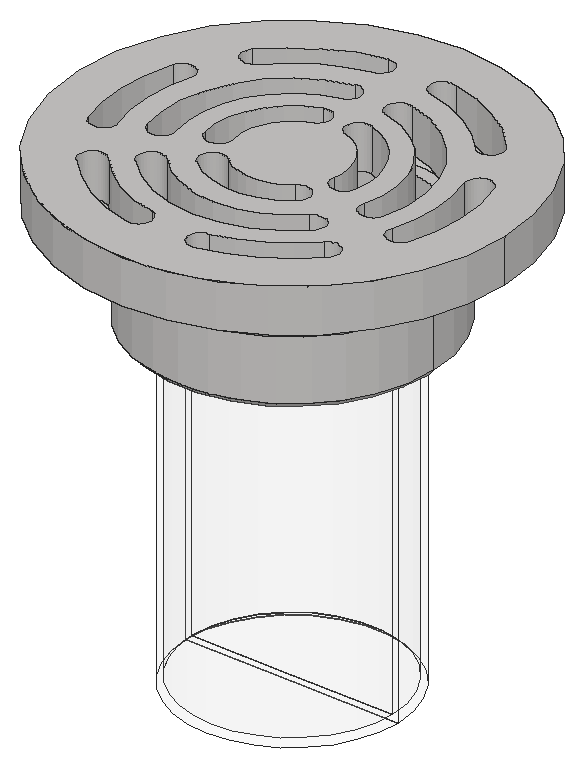
Revit family "PlumbingFixture_Drain_Galvin_DIR", category Plumbing Fixtures, host Face, Revit 2011
Parameters (values of type "DI4M06RX - ST/ST 316")
  URL = "www.galvinengineering.com.au"
  Type Comments = "Round"
  StyleOrType_ANZRS = "Drain"
  ModifiedIssue_ANZRS = 20140526.01  # constant formula
  Model = "DI4M06RX - ST/ST 316"
  Manufacturer = "Galvin Engineering"
  Keynote = "10800"
  Instructions = "http://www.galvinengineering.com.au/Installation_Guides_1.aspx"
  GrateMaterial = Metal_Drains_Stainless-Steel_15400
  FilterObject_ANZRS = "DIRX"
  OutletRadius_DoNotEdit = 50 mm
  DimTop = 150 mm  # constant formula
  DimOutlet = if(OutletRadius_DoNotEdit > 0 mm, (OutletRadius_DoNotEdit * 2), (OutletRadius_DoNotEdit * 2))  # 100 mm
  DimGrateStrainer = 114 mm
  DimGrateHeight = 28 mm  # constant formula
  DimGrateDepth = 25 mm  # constant formula
  Description = "Round Industrial  - Trap Combination"
  Default Elevation = 0 mm
  CreatedBy_ANZRS = "Galvin Engineering"
  CreatedByURL_ANZRS = "www.galvinengineering.com.au"
  CreatedByPhoneNo_ANZRS = "61-8-92495900"
  Circulation_ANZRS = yes
  CHWFlow_ANZRS = 2.8 L/s
  BodyMaterial = Metal_Drains_Perforated_15400
  Assembly Code = "D2040200"
  Application = "PVC/HDPE/Cu"
Types (3, lengths in mm): name | Model | DimGrateStrainer
  (no name) | "DI4M06RX - ST/ST 316" | 114
  DI4S06RX - ST/ST 316 | "DI4S06RX - ST/ST 316" | 92
  DI4M06RX - ST/ST 316 | "DI4M06RX - ST/ST 316" | 114
Reference planes
  plane 1 "Center (Front/Back)": y = 0
  plane 2 "Face": z = 0
  plane 3 "Center (Left/Right)": x = 0
  plane 4 "Strainer": z = -53
  plane 5 "Bottom": z = -167
  plane 6 "GrateHeight": z = -28
  plane 7 "Left": x = -75
  plane 8 "Right": x = 75
Forms (mm)
  Revolve 1, solid, material "Metal_Drains_Stainless-Steel_15400" <- "GrateMaterial"
    sketch origin (0, 0, 0) x (1, 0, 0) y (0, 0, 1)
      loop
        line (50, -28) -> (53.35, -28) -> (64.2, -16.3) -> (68.5, -16.3) -> (68.5, -15.3) -> (62.4, -15.3) -> (52.477, -26) -> (48, -26) -> (48, -51) -> (35.5, -51) -> (35.5, -53) -> (48, -53) -> (50, -51) -> (50, -28)
      axis (0, -15.3) -> (0, -53)
    angle from 0 to 360
  Extrusion 2, solid, material "Metal_Drains_Stainless-Steel_15400" <- "GrateMaterial"
    sketch origin (0, 0, 0) x (1, 0, 0) y (0, 1, 0)
      loop
        circle (0, 0) r 75
      loop
        arc (-12.678, 58.073) -> (-30.51, 51.085) -> (-45.198, 38.794) r 59.5
        arc (-45.198, 38.794) -> (-44.734, 32.447) -> (-38.387, 32.912) r 4.5
        arc (-38.387, 32.912) -> (-25.921, 43.343) -> (-10.786, 49.274) r 50.5
        arc (-10.786, 49.274) -> (-7.333, 54.619) -> (-12.678, 58.073) r 4.5
      loop
        arc (37.386, 33.665) -> (43.741, 33.327) -> (44.079, 39.682) r 4.5
        arc (44.079, 39.682) -> (29.081, 51.717) -> (11.027, 58.34) r 59.5
        arc (11.027, 58.34) -> (5.761, 54.767) -> (9.334, 49.5) r 4.5
        arc (9.334, 49.5) -> (24.656, 43.879) -> (37.386, 33.665) r 50.5
      loop
        arc (47.791, -15.912) -> (50.656, -21.595) -> (56.338, -18.73) r 4.5
        arc (56.338, -18.73) -> (59.33, 0.265) -> (56.107, 19.222) r 59.5
        arc (56.107, 19.222) -> (50.39, 22.017) -> (47.595, 16.3) r 4.5
        arc (47.595, 16.3) -> (50.33, 0.21) -> (47.791, -15.912) r 50.5
      loop
        arc (10.094, -49.544) -> (6.602, -54.864) -> (11.923, -58.356) r 4.5
        arc (11.923, -58.356) -> (29.803, -51.497) -> (44.579, -39.314) r 59.5
        arc (44.579, -39.314) -> (44.16, -32.963) -> (37.81, -33.382) r 4.5
        arc (37.81, -33.382) -> (25.27, -43.722) -> (10.094, -49.544) r 50.5
      loop
        arc (-37.753, -33.827) -> (-44.108, -33.483) -> (-44.451, -39.838) r 4.5
        arc (-44.451, -39.838) -> (-29.602, -51.808) -> (-11.728, -58.464) r 59.5
        arc (-11.728, -58.464) -> (-6.439, -54.924) -> (-9.979, -49.635) r 4.5
        arc (-9.979, -49.635) -> (-25.15, -43.986) -> (-37.753, -33.827) r 50.5
      loop
        arc (-48.227, 15.414) -> (-51.128, 21.079) -> (-56.792, 18.179) r 4.5
        arc (-56.792, 18.179) -> (-59.666, -0.677) -> (-56.426, -19.473) r 59.5
        arc (-56.426, -19.473) -> (-50.705, -22.263) -> (-47.916, -16.543) r 4.5
        arc (-47.916, -16.543) -> (-50.666, -0.589) -> (-48.227, 15.414) r 50.5
      loop
        arc (-10.806, 40.919) -> (-37.295, 20.495) -> (-41.215, -12.723) r 43.125
        arc (-41.215, -12.723) -> (-35.644, -15.8) -> (-32.567, -10.229) r 4.5
        arc (-32.567, -10.229) -> (-29.465, 16.057) -> (-8.504, 32.218) r 34.125
        arc (-8.504, 32.218) -> (-5.305, 37.719) -> (-10.806, 40.919) r 4.5
      loop
        arc (33.106, -9.889) -> (36.24, -15.428) -> (41.779, -12.294) r 4.5
        arc (41.779, -12.294) -> (37.058, 21.65) -> (9.074, 41.434) r 43.125
        arc (9.074, 41.434) -> (3.746, 37.953) -> (7.227, 32.625) r 4.5
        arc (7.227, 32.625) -> (29.37, 16.971) -> (33.106, -9.889) r 34.125
      loop
        arc (-24.789, -23.99) -> (-31.148, -23.753) -> (-31.385, -30.113) r 4.5
        arc (-31.385, -30.113) -> (0.31, -43.898) -> (31.947, -29.983) r 43.125
        arc (31.947, -29.983) -> (31.685, -23.624) -> (25.326, -23.887) r 4.5
        arc (25.326, -23.887) -> (0.291, -34.898) -> (-24.789, -23.99) r 34.125
      loop
        arc (-9.324, 25.206) -> (-23.649, 12.766) -> (-26.188, -6.037) r 26.875
        arc (-26.188, -6.037) -> (-20.792, -9.411) -> (-17.418, -4.015) r 4.5
        arc (-17.418, -4.015) -> (-15.73, 8.491) -> (-6.201, 16.765) r 17.875
        arc (-6.201, 16.765) -> (-3.542, 22.547) -> (-9.324, 25.206) r 4.5
      loop
        arc (17.513, -3.578) -> (21.021, -8.888) -> (26.331, -5.38) r 4.5
        arc (26.331, -5.38) -> (23.018, 13.872) -> (7.544, 25.794) r 26.875
        arc (7.544, 25.794) -> (1.962, 22.739) -> (5.018, 17.156) r 4.5
        arc (5.018, 17.156) -> (15.31, 9.226) -> (17.513, -3.578) r 17.875
      loop
        arc (-11.683, -13.529) -> (-18.03, -13.993) -> (-17.565, -20.34) r 4.5
        arc (-17.565, -20.34) -> (0.247, -26.874) -> (17.936, -20.014) r 26.875
        arc (17.936, -20.014) -> (18.284, -13.66) -> (11.929, -13.312) r 4.5
        arc (11.929, -13.312) -> (0.164, -17.874) -> (-11.683, -13.529) r 17.875
    from 0 to -15.3
  Revolve 3, solid, material "Metal_Drains_Perforated_15400" <- "BodyMaterial"
    sketch origin (0, 0, 0) x (1, 0, 0) y (0, 0, 1)
      loop
        line (37.5, -53) -> (35.5, -53) -> (35.5, -165) -> (0, -165) -> (0, -167) -> (37.5, -167) -> (37.5, -53)
      axis (0, -53) -> (0, -167)
    angle from 0 to 360
  Revolve 4, void
    sketch origin (0, 0, 0) x (1, 0, 0) y (0, 0, 1)
      loop
        line (50, -28) -> (53.35, -28) -> (64.2, -16.3) -> (68.5, -16.3) -> (68.5, -15.3) -> (75, -15.3) -> (75, 0) -> (0, 0) -> (0, -167) -> (37.5, -167) -> (37.5, -53) -> (48, -53) -> (50, -51) -> (50, -28)
      axis (0, 0) -> (0, -167)
    angle from 0 to 360
Lines and regions (mm)
  symbolic lines, style "Waste Outlets", detail levels medium+fine
    curve 1: circle (0, 0, 0) r 68.5 normal (0, 0, 1)
    curve 3: circle (51.095, -29.5, 0) r 2.31 normal (0, 0, 1)
    curve 5: circle (-51.095, -29.5, 0) r 2.31 normal (0, 0, 1)
    curve 7: circle (0, 59, 0) r 2.31 normal (0, 0, 1)
  symbolic lines, style "Waste Outlets"
    curve 2: circle (51.095, -29.5, 0) r 6 normal (0, 0, 1)
    curve 4: circle (-51.095, -29.5, 0) r 6 normal (0, 0, 1)
    curve 6: circle (0, 59, 0) r 6 normal (0, 0, 1)
Dimensions and locks
  "DimGrateStrainer": plane 4 "Strainer" to plane 5 "Bottom"
  "DimGrateHeight": plane 2 "Face" to plane 6 "GrateHeight"
  "DimGrateDepth": plane 6 "GrateHeight" to plane 4 "Strainer"
  "DimTop": plane 7 "Left" to plane 8 "Right"
  aligned and locked: plane 2 "Face" to host face
  aligned and locked: level to host face
  aligned and locked: plane 5 "Bottom" to Revolve 3 sketch curve
  aligned and locked: Revolve 4 sketch curve to plane 5 "Bottom"
Automatic sketch dimensions
  curve 2 to curve 3 = 0 mm  (x2)
  curve 4 to curve 5 = 0 mm  (x2)
  curve 6 to curve 7 = 0 mm  (x2)
  curve 6 to plane 3 "Center (Left/Right)" = 0 mm
  plane 1 "Center (Front/Back)" to curve 1 = 0 mm
  curve 1 to plane 3 "Center (Left/Right)" = 0 mm
  curve 5 to plane 3 "Center (Left/Right)" = 51.095 mm
  plane 3 "Center (Left/Right)" to curve 3 = 51.095 mm
  plane 1 "Center (Front/Back)" to curve 5 = 29.5 mm
  plane 1 "Center (Front/Back)" to curve 3 = 29.5 mm
  curve 1 to curve 7 = 59 mm
  host sketch curve to host sketch curve = 400 mm  (x2)
  Revolve 1 sketch curve to plane 3 "Center (Left/Right)" = 0 mm
  Revolve 1 sketch curve to plane 4 "Strainer" = 0 mm
  plane 3 "Center (Left/Right)" to Revolve 1 sketch curve = 35.5 mm
  Revolve 1 sketch curve to plane 4 "Strainer" = 2 mm  (x2)
  Revolve 1 sketch curve to Revolve 1 sketch curve = 12.5 mm
  Revolve 1 sketch curve to Revolve 1 sketch curve = 0 mm
  Revolve 1 sketch curve to Revolve 1 sketch curve = 2 mm  (x2)
  Revolve 1 sketch curve to level = 26 mm
  Revolve 1 sketch curve to Revolve 1 sketch curve = 2.477 mm
  Revolve 1 sketch curve to Revolve 1 sketch curve = 0.873 mm
  Revolve 1 sketch curve to Revolve 1 sketch curve = 9.923 mm
  Revolve 1 sketch curve to Revolve 1 sketch curve = 1.8 mm
  Revolve 1 sketch curve to Revolve 1 sketch curve = 4.3 mm
  plane 4 "Strainer" to Revolve 1 sketch curve = 14.509 mm
  Revolve 1 sketch curve to level = 16.3 mm
  Revolve 1 sketch curve to Revolve 1 sketch curve = 1 mm
  level to Revolve 1 sketch curve = 17.491 mm
  Extrusion 2 sketch curve to Extrusion 2 sketch curve = 0 mm  (x241)
  plane 1 "Center (Front/Back)" to Extrusion 2 sketch curve = 0 mm
  Extrusion 2 sketch curve to plane 3 "Center (Left/Right)" = 0 mm
  plane 1 "Center (Front/Back)" to Extrusion 2 sketch curve = 0.097 mm
  Extrusion 2 sketch curve to plane 3 "Center (Left/Right)" = 0.169 mm
  Extrusion 2 sketch curve to plane 3 "Center (Left/Right)" = 6.201 mm
  Extrusion 2 sketch curve to Extrusion 2 sketch curve = 1.561 mm
  Extrusion 2 sketch curve to Extrusion 2 sketch curve = 0.819 mm
  Extrusion 2 sketch curve to Extrusion 2 sketch curve = 1.151 mm
  Extrusion 2 sketch curve to plane 3 "Center (Left/Right)" = 9.979 mm
  Extrusion 2 sketch curve to Extrusion 2 sketch curve = 0.019 mm
  Extrusion 2 sketch curve to Extrusion 2 sketch curve = 0.874 mm
  Extrusion 2 sketch curve to plane 3 "Center (Left/Right)" = 11.683 mm
  Extrusion 2 sketch curve to Extrusion 2 sketch curve = 0.946 mm
  Extrusion 2 sketch curve to Extrusion 2 sketch curve = 2.941 mm
  plane 1 "Center (Front/Back)" to Extrusion 2 sketch curve = 4.015 mm
  Extrusion 2 sketch curve to Extrusion 2 sketch curve = 5.735 mm
  Extrusion 2 sketch curve to Extrusion 2 sketch curve = 4.385 mm
  Extrusion 2 sketch curve to Extrusion 2 sketch curve = 7.223 mm
  Extrusion 2 sketch curve to Extrusion 2 sketch curve = 3.298 mm
  Extrusion 2 sketch curve to Extrusion 2 sketch curve = 6.379 mm
  Extrusion 2 sketch curve to Extrusion 2 sketch curve = 4.324 mm
  Extrusion 2 sketch curve to Extrusion 2 sketch curve = 6.369 mm
  Extrusion 2 sketch curve to Extrusion 2 sketch curve = 27.582 mm
  Extrusion 2 sketch curve to Extrusion 2 sketch curve = 3.349 mm
  Extrusion 2 sketch curve to Extrusion 2 sketch curve = 3.406 mm
  Extrusion 2 sketch curve to Extrusion 2 sketch curve = 6.701 mm
  Extrusion 2 sketch curve to plane 1 "Center (Front/Back)" = 15.414 mm
  Extrusion 2 sketch curve to Extrusion 2 sketch curve = 9.84 mm
  Extrusion 2 sketch curve to Extrusion 2 sketch curve = 4.255 mm
  Extrusion 2 sketch curve to Extrusion 2 sketch curve = 4.282 mm
  plane 3 "Center (Left/Right)" to Extrusion 2 sketch curve = 5.018 mm
  Extrusion 2 sketch curve to Extrusion 2 sketch curve = 1.263 mm
  Extrusion 2 sketch curve to Extrusion 2 sketch curve = 0.318 mm
  Extrusion 2 sketch curve to Extrusion 2 sketch curve = 0.924 mm
  Extrusion 2 sketch curve to Extrusion 2 sketch curve = 0.259 mm
  plane 3 "Center (Left/Right)" to Extrusion 2 sketch curve = 10.094 mm
  Extrusion 2 sketch curve to Extrusion 2 sketch curve = 0.847 mm
  Extrusion 2 sketch curve to Extrusion 2 sketch curve = 0.914 mm
  plane 3 "Center (Left/Right)" to Extrusion 2 sketch curve = 11.929 mm
  Extrusion 2 sketch curve to Extrusion 2 sketch curve = 3.003 mm
  plane 1 "Center (Front/Back)" to Extrusion 2 sketch curve = 3.578 mm
  Extrusion 2 sketch curve to Extrusion 2 sketch curve = 5.584 mm
  plane 1 "Center (Front/Back)" to Extrusion 2 sketch curve = 4.479 mm
  Extrusion 2 sketch curve to Extrusion 2 sketch curve = 7.39 mm
  Extrusion 2 sketch curve to Extrusion 2 sketch curve = 3.311 mm
  Extrusion 2 sketch curve to Extrusion 2 sketch curve = 6.775 mm
  Extrusion 2 sketch curve to Extrusion 2 sketch curve = 28.312 mm
  Extrusion 2 sketch curve to Extrusion 2 sketch curve = 4.336 mm
  Extrusion 2 sketch curve to Extrusion 2 sketch curve = 5.863 mm
  Extrusion 2 sketch curve to Extrusion 2 sketch curve = 3.346 mm
  Extrusion 2 sketch curve to Extrusion 2 sketch curve = 3.384 mm
  Extrusion 2 sketch curve to Extrusion 2 sketch curve = 10.209 mm
  Extrusion 2 sketch curve to Extrusion 2 sketch curve = 6.012 mm
  Extrusion 2 sketch curve to Extrusion 2 sketch curve = 4.256 mm
  Extrusion 2 sketch curve to Extrusion 2 sketch curve = 4.274 mm
  Extrusion 2 sketch curve to Extrusion 2 sketch curve = 15.535 mm
  Extrusion 2 sketch curve to Extrusion 2 sketch curve = 3.873 mm
  Extrusion 2 sketch curve to Extrusion 2 sketch curve = 3.649 mm
  Extrusion 2 sketch curve to Extrusion 2 sketch curve = 3.399 mm
  Extrusion 2 sketch curve to Extrusion 2 sketch curve = 3.714 mm
  plane 1 "Center (Front/Back)" to Extrusion 2 sketch curve = 18.73 mm
  Extrusion 2 sketch curve to Extrusion 2 sketch curve = 3.82 mm
  Extrusion 2 sketch curve to Extrusion 2 sketch curve = 3.618 mm
  Extrusion 2 sketch curve to Extrusion 2 sketch curve = 17.497 mm
  Extrusion 2 sketch curve to Extrusion 2 sketch curve = 17.365 mm
  Revolve 3 sketch curve to plane 3 "Center (Left/Right)" = 0 mm  (x2)
  Revolve 3 sketch curve to plane 4 "Strainer" = 0 mm
  plane 3 "Center (Left/Right)" to Revolve 3 sketch curve = 35.5 mm
  Revolve 3 sketch curve to Revolve 3 sketch curve = 2 mm  (x2)
  plane 4 "Strainer" to Revolve 3 sketch curve = 44.509 mm
  Revolve 3 sketch curve to Revolve 3 sketch curve = 27.509 mm
  Revolve 4 sketch curve to plane 3 "Center (Left/Right)" = 0 mm  (x2)
  Revolve 4 sketch curve to plane 4 "Strainer" = 0 mm
  Revolve 4 sketch curve to level = 0 mm
  plane 3 "Center (Left/Right)" to Revolve 4 sketch curve = 37.5 mm
  Revolve 4 sketch curve to Revolve 4 sketch curve = 10.5 mm
  Revolve 4 sketch curve to Revolve 4 sketch curve = 2 mm
  Revolve 4 sketch curve to Revolve 4 sketch curve = 3.35 mm
  Revolve 4 sketch curve to level = 16.3 mm
  Revolve 4 sketch curve to Revolve 4 sketch curve = 10.85 mm
  Revolve 4 sketch curve to Revolve 4 sketch curve = 4.3 mm
  Revolve 4 sketch curve to Revolve 4 sketch curve = 6.5 mm
  plane 4 "Strainer" to Revolve 4 sketch curve = 14.509 mm
  Revolve 4 sketch curve to plane 4 "Strainer" = 2 mm
  Revolve 4 sketch curve to Revolve 4 sketch curve = 11.7 mm
  Revolve 4 sketch curve to Revolve 4 sketch curve = 1 mm
  Revolve 4 sketch curve to Revolve 4 sketch curve = 17.491 mm
  radius of curve 1 = 68.5 mm
  radius of curve 2 = 6 mm
  radius of curve 3 = 2.31 mm
  radius of curve 4 = 6 mm
  radius of curve 5 = 2.31 mm
  radius of curve 6 = 6 mm
  radius of curve 7 = 2.31 mm
  radius of Extrusion 2 sketch curve = 75 mm
Connectors
  piping at (0, 0, -53), driven by "OutletRadius_DoNotEdit"
    settings: on Revolve 1, index 1, connector radius 1.9685", flow factor 0, pipe flow 0.0 L/s, pressure drop 0.00 psi, fitting loss kfactor 0, connector angle 0.00°, fixture units 0, engagement length 0 mm, flow configuration 0, flow direction 0, fitting loss method 0, system type 28, joint type 0, gender type 0, connector reference index -1, connector utility 0, adjustable connector no, is connector primary yes, fitting loss table "", connector description ""
